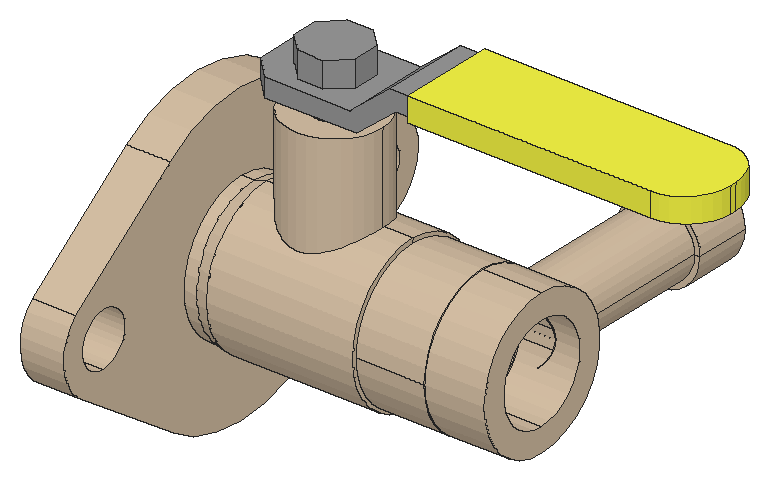
Revit family "495D Ball Valve", category Pipe Accessories, Revit 2018
Family settings
  Round Connector Dimension = Use Diameter
  Part Type = Valve - Normal
  OmniClass Number = 23.60.30.11.14
  OmniClass Title = Pipework Fittings
  Work Plane-Based = No
  Always vertical = Yes
  Cut with Voids When Loaded = No
  Shared = No
Parameters
  Y1 [instance] = size_lookup(LookupTable, "Y1", 0", Nominal Diameter)  # 4.03"
  X8 [instance] = size_lookup(LookupTable, "X8", 0", Nominal Diameter)  # 0.394"
  Weight [instance] = "NA"
  URL = "http://www.fnw.com"
  Standards Lookup Table = "Standards"  # constant formula
  R4 [instance] = size_lookup(LookupTable, "R4", 0", Nominal Diameter)  # 0.65349"
  Product ID Handle [instance] = ""
  Product ID [instance] = size_lookup(LookupTable, "ProductID", "NA", Nominal Diameter)  # "4203994"
  Pipe Diameter [instance] = size_lookup(Standards Lookup Table, "copper", 0", Nominal Diameter)  # 7/8"
  Pin Height [instance] = [1_Z2] + Z3  # 0.39878"
  Part Number Handle [instance] = ""
  Part Number [instance] = size_lookup(LookupTable, "PartNumber", "NA", Nominal Diameter)  # "FNW495F"
  PIpe Radius [instance] = Pipe Diameter / 2  # 7/16"
  ODR [instance] = size_lookup(LookupTable, "ODR", 0", Nominal Diameter)  # 3/8"
  L2 [instance] = size_lookup(LookupTable, "L2", 0", Nominal Diameter)  # 2.52"
  Insert [instance] = size_lookup(LookupTable, "insert", 0", Nominal Diameter)  # 3/4"
  D6R [instance] = size_lookup(LookupTable, "D6", 0", Nominal Diameter) / 2  # 0.32"
  Manufacturer = "FNW"  # constant formula
  L1 [instance] = size_lookup(LookupTable, "L1", 0", Nominal Diameter)  # 0.90349"
  Flange_R = 29/64"  # constant formula
  Flange_HoleR = 63/128" / 2  # 63/256"
  Description BOM Handle [instance] = ""
  Description BOM [instance] = size_lookup(LookupTable, "Description_BOM", "NA", Nominal Diameter)  # "Not For Potable Use 3/4 Sweat PIV W/ROT Flange"
  D5 [instance] = size_lookup(LookupTable, "D5", 0", Nominal Diameter)  # 2.74"
  1_Z2 [instance] = size_lookup(LookupTable, "1_Z2", 0", Nominal Diameter)  # 0.1644"
  1_Z1 [instance] = size_lookup(LookupTable, "1_Z1", 0", Nominal Diameter)  # 0.30026"
  Z3 [instance] = size_lookup(LookupTable, "Z3", 0", Nominal Diameter)  # 15/64"
  Z2 [instance] = size_lookup(LookupTable, "Z2", 0", Nominal Diameter)  # 1.65349"
  Z1 [instance] = size_lookup(LookupTable, "Z1", 0", Nominal Diameter)  # 1.48909"
  1_Y1 [instance] = size_lookup(LookupTable, "1_Y1", 0", Nominal Diameter)  # 0.81"
  1_X4 [instance] = size_lookup(LookupTable, "1_X4", 0", Nominal Diameter)  # 0.5172"
  1_X1 [instance] = size_lookup(LookupTable, "1_X1", 0", Nominal Diameter)  # 1.0344"
  1_X3 [instance] = size_lookup(LookupTable, "1_X3", 0", Nominal Diameter)  # 3.62"
  X7 [instance] = size_lookup(LookupTable, "X7", 0", Nominal Diameter)  # 1.252"
  X5 [instance] = size_lookup(LookupTable, "X5", 0", Nominal Diameter)  # 0.5457"
  X4 [instance] = size_lookup(LookupTable, "X4", 0", Nominal Diameter)  # 0.626"
  X3 [instance] = size_lookup(LookupTable, "X3", 0", Nominal Diameter)  # 1.1891"
  X2 [instance] = size_lookup(LookupTable, "X2", 0", Nominal Diameter)  # 0.1252"
  1_X2 [instance] = size_lookup(LookupTable, "1_X2", 0", Nominal Diameter)  # 0.30026"
  X1 [instance] = size_lookup(LookupTable, "X1", 0", Nominal Diameter)  # 1/4"
  Show Lever Clearance [instance] = no
  R3 [instance] = size_lookup(LookupTable, "R3", 0", Nominal Diameter)  # 0.65349"
  R2 [instance] = size_lookup(LookupTable, "R2", 0", Nominal Diameter)  # 0.68617"
  R1_Diam [instance] = R1 * 2  # 1.30698"
  R1 [instance] = size_lookup(LookupTable, "R1", 0", Nominal Diameter)  # 0.65349"
  Nominal Radius [instance] = Nominal Diameter / 2  # 3/8"
  Nominal Diameter [instance] = 3/4"
  LookupTable = "valve-ball-2p-pump-swt-drain-std-lever 495D.rfa"  # constant formula
  HexAngle1 [instance] = 135.00°  # constant formula
  D3 [instance] = size_lookup(LookupTable, "D3", 0", Nominal Diameter)  # 9/16"
  D2 [instance] = size_lookup(LookupTable, "D2", 0", Nominal Diameter)  # 3/8"
  D1 [instance] = size_lookup(LookupTable, "D1", 0", Nominal Diameter)  # 0.87"
Reference planes (in)
  plane 1 "Center (Front/Back)": y = 0
  plane 2: z = 0
  plane 3 "Center (Left/Right)": x = 0
  plane 4 "X7 End": x = -1.252
  plane 5 "Pipe radius": z = 0.4375
  plane 6: x = -0.858
  plane 7: x = -0.608
  plane 8: x = -0.4828
  plane 9: x = 0.7063
  plane 10 "X5 Plane": x = 1.3323
  plane 11: z = 1.37
  plane 12: z = -1.37
  plane 13: y = 2.015
  plane 14: y = -2.015
  plane 15: z = 1.48909
  plane 16 "Z2": z = 1.65349
  plane 17: x = 1.878
  plane 18: y = 0.90349
  plane 19: x = 1.3323
  plane 20: x = 1.128
  plane 21: y = 2.52
Forms (in)
  Extrusion 1, solid, material "Bronze, Cast_01"
    sketch origin (0, 0, 0) x (1, 0, 0) y (0, 1, 0)
      loop
        circle (0, 0) r 0.1875
    from 1.48909 to 1.65349
  Extrusion 2, solid, material "Bronze, Cast_01"
    sketch origin (0, 0, 0) x (0, 1, 0) y (0, 0, 1)
      loop
        circle (0, 0) r 0.4375
      loop
        circle (0, 0) r 0.65349
    from 0.7063 to 1.3323
  Extrusion 3, solid, material "Bronze, Cast_01", not visible
    sketch origin (-0.5313, 0, 0) x (0, 0, 1) y (0, -1, 0)
      loop
        circle (0, 0) r 0.375
    from -0.3267 to 1.6593
  Extrusion 4, solid, material "Bronze, Cast_01"
    sketch origin (0, 0, 0.8756) x (-1, 0, 0) y (0, -1, 0)
      loop
        circle (0, 0) r 0.435
    from -0.4381 to 0.61349
  Revolve 5, solid, material "Bronze, Cast_01"
    sketch origin (0, 0, 0) x (1, 0, 0) y (0, 0, 1)
      loop
        line (-0.858, 0.65349) -> (-0.858, 0.4375) -> (0.7063, 0.4375) -> (0.7063, 0.68617) -> (-0.62002, 0.68617) -> (-0.74128, 0.65349) -> (-0.858, 0.65349)
      axis (0.7063, 0) -> (-0.858, 0)
    angle from 0 to 360
  Extrusion 6, solid, material "Bronze, Cast_01"
    sketch origin (1.3323, 0, 0) x (0, 0, 1) y (0, -1, 0)
      loop
        circle (0, 0) r 0.4375
      loop
        circle (0, 0) r 0.65349
    from 0 to 0.5457
  Revolve 7, solid, material "Bronze, Cast_01"
    sketch origin (0, 0, 0) x (1, 0, 0) y (0, 1, 0)
      loop
        line (1.3323, 0) -> (1.6523, 0) -> (1.6523, 2.015) -> (1.7073, 2.015) -> (1.7073, 2.52) -> (1.3323, 2.52) -> (1.3323, 0)
      axis (1.3323, 0) -> (1.3323, 2.52)
    angle from 0 to 360
  Extrusion 8, void
    sketch origin (1.3323, 0, 0) x (0, 0, 1) y (0, -1, 0)
      loop
        circle (0, 0) r 0.4375
    from -0.626 to 0.5457
Cuts and joins
  Extrusion 8 cuts Revolve 7
Dimensions and locks (in)
  "X7": plane 4 "X7 End" to plane 3 "Center (Left/Right)"
  "PIpe Radius": plane 5 "Pipe radius" to plane 2
  "X8": plane 4 "X7 End" to plane 6
  "X1": plane 7 to plane 6
  "X2": plane 8 to plane 7
  "X3": plane 9 to plane 8
  "X4": plane 10 "X5 Plane" to plane 9
  "PIpe Radius": Revolve 5 sketch curve to plane 2
  "R1": Revolve 5 sketch curve to plane 2
  "R2": Revolve 5 sketch curve to plane 2
  equal spacing: plane 11, plane 2, plane 12
  "D5": plane 11 to plane 12
  equal spacing: plane 13, plane 1 "Center (Front/Back)", plane 14
  "Y1": plane 13 to plane 14
  "Z1": plane 15 to plane 2
  "Z2": plane 16 "Z2" to plane 2
  "X5": plane 17 to plane 10 "X5 Plane"
  "L1": plane 1 "Center (Front/Back)" to plane 18
  "X5": plane 19 to plane 17
  "D6R": plane 19 to Revolve 7 sketch curve
  "Insert": plane 17 to plane 20
  "L2": plane 21 to plane 1 "Center (Front/Back)"
  "ODR": plane 19 to Revolve 7 sketch curve
  "D2": diameter of Extrusion 1 sketch curve
  "PIpe Radius": radius of Extrusion 2 sketch curve
  "Nominal Radius": radius of Extrusion 3 sketch curve
  "D1": diameter of Extrusion 4 sketch curve
  "R4": radius of Extrusion 2 sketch curve
  "PIpe Radius": radius of Extrusion 6 sketch curve
  "PIpe Radius": radius of Extrusion 8 sketch curve
  "R4": radius of Extrusion 6 sketch curve
  aligned and locked: plane 2 to level
  aligned and locked: Extrusion 4 to plane 5 "Pipe radius"
  aligned and locked: Extrusion 2 to plane 9
  aligned and locked: plane 10 "X5 Plane" to Extrusion 2
  aligned and locked: plane 2 to Revolve 5 sketch curve
  aligned and locked: Revolve 5 sketch curve to plane 6
  aligned and locked: Revolve 5 sketch curve to plane 9
  aligned and locked: Extrusion 3 to plane 6
  aligned and locked: plane 15 to Extrusion 4
  aligned and locked: Extrusion 1 to plane 15
  aligned and locked: plane 16 "Z2" to Extrusion 1
  aligned and locked: plane 17 to Extrusion 6
  aligned and locked: Revolve 7 sketch curve to plane 19
  aligned and locked: Extrusion 6 to Extrusion 8
  aligned and locked: Extrusion 8 to plane 9
  aligned and locked: plane 20 to Extrusion 3
  aligned and locked: plane 4 "X7 End" to nested 2
  aligned and locked: Revolve 7 sketch curve to plane 21
  aligned and locked: plane 13 to Revolve 7 sketch curve
Automatic sketch dimensions
  plane 1 "Center (Front/Back)" to Extrusion 1 sketch curve = 0"
  Extrusion 1 sketch curve to plane 3 "Center (Left/Right)" = 0"
  Extrusion 2 sketch curve to Extrusion 2 sketch curve = 0"  (x2)
  Extrusion 2 sketch curve to level = 0"
  Extrusion 2 sketch curve to plane 1 "Center (Front/Back)" = 0"
  Extrusion 3 sketch curve to level = 0"
  Extrusion 3 sketch curve to plane 1 "Center (Front/Back)" = 0"
  plane 1 "Center (Front/Back)" to Extrusion 4 sketch curve = 0"
  Extrusion 4 sketch curve to plane 3 "Center (Left/Right)" = 0"
  plane 6 to Revolve 5 sketch curve = 0.11672"
  Revolve 5 sketch curve to plane 7 = 0.01202"
  plane 4 "X7 End" to Revolve 5 sketch curve = 0.35912"
  Revolve 5 sketch curve to plane 3 "Center (Left/Right)" = 0.19928"
  Extrusion 6 sketch curve to Extrusion 6 sketch curve = 0"  (x2)
  Extrusion 6 sketch curve to level = 0"
  Extrusion 6 sketch curve to plane 1 "Center (Front/Back)" = 0"
  plane 1 "Center (Front/Back)" to Revolve 7 sketch curve = 0"  (x2)
  Revolve 7 sketch curve to plane 10 "X5 Plane" = 0"
  Revolve 7 sketch curve to Revolve 7 sketch curve = 0.08259"
  Extrusion 8 sketch curve to level = 0"
  Extrusion 8 sketch curve to plane 1 "Center (Front/Back)" = 0"
Nested families (in)
  nested 1: "Nested Lever_470" at (0, 0, 1.65349), Show Lever Clearance <- "Show Lever Clearance", D3 <- "D3", Z3 <- "Z3", 1_X1 <- "1_X1", 1_X2 <- "1_X2", 1_X3 <- "1_X3", 1_X4 <- "1_X4", 1_Y1 <- "1_Y1", 1_Z1 <- "1_Z1", 1_Z2 <- "1_Z2", type "Nested Lever_470"
    with Z3 15/64", Void_Outer_Radius 0.4675", Void_Outer 0.935", Show Lever Clearance no, Grip_L3 0.2269", Grip_L2 0.19565", Grip_L1 1/32", D3_Half 3/16", D3 9/16", Clearance Hieght 6", Angle Hex Head 135.00°, 1_Z2 0.1644", 1_Z1 0.30026", 1_Y1_Half 0.405", 1_Y1 0.81", 1_X4 0.5172", 1_X3_and_1__Y1_Half 4.025", 1_X3 3.62", 1_X2 0.30026", 1_X1 1.0344"
  nested 2: "flange400series" at (0, 0, 0), Pipe size <- "PIpe Radius", type "flange400series"
    with Pipe size 7/16", D5 2.74"
Connectors (in)
  piping at (1.128, 0, 0), diameter 0.75, driven by "Nominal Diameter"
    settings: on Extrusion 3, index 1, connector inside diameter 24", connector length 0", flow factor 0, pipe flow 0 GPM, pressure drop 0.00 psi, fitting loss kfactor 0, connector angle 0.00°, fixture units 0, engagement length 0", angle of deflection 0.00°, flow configuration 0, flow direction 0, fitting loss method 0, system type 7, joint type 0, gender type 0, connector reference index -1, connector utility 0, adjustable connector no, is connector primary yes, connector description ""
  piping at (-0.858, 0, 0), diameter 0.75, driven by "Nominal Diameter"
    settings: on Extrusion 3, index 2, connector inside diameter 24", connector length 0", flow factor 0, pipe flow 0 GPM, pressure drop 0.00 psi, fitting loss kfactor 0, connector angle 0.00°, fixture units 0, engagement length 0", angle of deflection 0.00°, flow configuration 0, flow direction 0, fitting loss method 0, system type 7, joint type 0, gender type 0, connector reference index -1, connector utility 0, adjustable connector no, is connector primary no, connector description ""
Definition of nested family "Nested Lever_470"
  Parameters (values of type "Nested Lever_430")
    Z3 [instance] = 1/8"
    Angle 2 = 45.00°  # constant formula
    1_Z2 [instance] = 1/8"
    1_Z1 [instance] = 1 1/4"
    1_Y1_Half [instance] = [1_Y1] / 2  # 1"
    1_Y1 [instance] = 2"
    1_X1 [instance] = 2 1/2"
    1_X3_and_1__Y1_Half [instance] = [1_X3] + [1_Y1_Half]  # 13.66198"
    1_X3 [instance] = 12.66198"
    1_X2 [instance] = 1 1/2"
    Void_Outer_Radius [instance] = Void_Outer / 2  # 1 1/16"
    Void_Outer [instance] = [1_Y1] + Grip_L1 * 4  # 2 1/8"
    Show Lever Clearance [instance] = yes
    Grip_L3 [instance] = Grip_L1 + Grip_L2  # 3/16"
    Grip_L1 [instance] = 1/32"  # constant formula
    Grip_L2 [instance] = [1_Z2] + Grip_L1  # 5/32"
    Default Elevation = 48"
    D3_Half [instance] = D3 / 3  # 0.23251"
    D3 [instance] = 0.69752"
    Clearance Hieght [instance] = 6"  # constant formula
    Angle Hex Head [instance] = 135.00°  # constant formula
    1_X4 [instance] = 1"
  Reference planes (in)
    plane 1 "Center (Front/Back)": y = 0
    plane 2: z = 0
    plane 3 "Center (Left/Right)": x = 0
    plane 4: z = 0.125
    plane 5: x = -1
    plane 6: x = 12.66198
    plane 7: y = 1
    plane 8: y = -1
    plane 9: x = 1.5
    plane 10: x = 3
    plane 11: z = 1.375
    plane 12: z = 1.25
    plane 13: z = 0.25
    plane 14: z = 1.40625
    plane 15: z = 1.21875
    plane 16: x = 3.15625
    plane 17: y = 1.03125
    plane 18: y = -1.03125
  Forms (in)
    Extrusion 1, solid
      sketch origin (0, 0, 0) x (1, 0, 0) y (0, 1, 0)
        loop
          line (-48, 48) -> (-48, -48) -> (48, -48) -> (48, 48) -> (-48, 48)
      from 0 to -12
    Extrusion 2, solid
      sketch origin (0, 0, 0) x (1, 0, 0) y (0, 0, 1)
        loop
          line (1.30132, 0) -> (1.5, 0) -> (3.04425, 1.25) -> (4.15625, 1.25) -> (4.15625, 1.375) -> (3, 1.375) -> (1.30132, 0)
      from -1 to 1
    Extrusion 3, solid
      sketch origin (0, 0, 0) x (1, 0, 0) y (0, 1, 0)
        loop
          line (0.34876, 0.14446) -> (0.14446, 0.34876) -> (-0.14446, 0.34876) -> (-0.34876, 0.14446) -> (-0.34876, -0.14446) -> (-0.14446, -0.34876) -> (0.14446, -0.34876) -> (0.34876, -0.14446) -> (0.34876, 0.14446)
      from 0.125 to 0.25
    Extrusion 4, solid
      sketch origin (0, 0, 0) x (1, 0, 0) y (0, 1, 0)
        loop
          line (11.66198, 1.03125) -> (3.15625, 1.03125) -> (3.15625, -1.03125) -> (11.66198, -1.03125)
          arc (11.66198, -1.03125) -> (12.36908, -0.73836) -> (12.66198, -0.03125) r 1
          line (12.66198, -0.03125) -> (12.66198, 0.03125)
          arc (12.66198, 0.03125) -> (12.36908, 0.73836) -> (11.66198, 1.03125) r 1
      from 1.21875 to 1.40625
    Extrusion 5, solid, visible <- "Show Lever Clearance"
      sketch origin (0, 0, 0) x (1, 0, 0) y (0, 1, 0)
        loop
          line (-1, 1) -> (-1, -12.66198)
          arc (-1, -12.66198) -> (8.66048, -8.66048) -> (12.66198, 1) r 13.66198
          line (12.66198, 1) -> (-1, 1)
      from 0 to 6 <- "Clearance Hieght"
    Extrusion 6, solid
      sketch origin (0, 0, 0) x (1, 0, 0) y (0, 1, 0)
        loop
          line (1.5, -1) -> (1.5, 1) -> (-0.5, 1) -> (-1, 0.5) -> (-1, -0.5) -> (-0.5, -1) -> (1.5, -1)
      from 0 to 0.125
  Cuts and joins
    joined: Extrusion 2, Extrusion 6
  Lines and regions (in)
    reference lines
      curve 1: line (0, 0, 3.375) -> (0, 0, -1.625)
  Dimensions and locks (in)
    "1_Z2": plane 4 to plane 2
    "1_X4": plane 3 "Center (Left/Right)" to plane 5
    "1_X3": plane 6 to plane 3 "Center (Left/Right)"
    equal spacing: plane 7, plane 1 "Center (Front/Back)", plane 8
    "1_Y1": plane 7 to plane 8
    "1_X1": plane 9 to plane 5
    "1_X2": plane 10 to plane 9
    "1_Z1": plane 11 to plane 4
    "1_Z2": plane 11 to plane 12
    equal spacing: Extrusion 3 sketch curve, curve 1, Extrusion 3 sketch curve  (x4)
    "D3": Extrusion 3 sketch curve to Extrusion 3 sketch curve  (x4)
    "Z3": plane 13 to plane 4
    "Grip_L1": plane 14 to plane 11
    "Grip_L2": plane 11 to plane 15
    "Grip_L2": plane 16 to plane 10
    "Grip_L1": plane 8 to plane 18
    "Grip_L1": plane 17 to plane 7
    "1_Y1_Half": plane 16 to Extrusion 2
    "1_X3_and_1__Y1_Half": Extrusion 5 sketch curve to Extrusion 5 sketch curve  (x2)
    equal spacing: Extrusion 6 sketch curve, plane 1 "Center (Front/Back)", Extrusion 6 sketch curve
    "1_Y1_Half": Extrusion 6 sketch curve to Extrusion 6 sketch curve
    "1_Z2": Extrusion 2 sketch curve to Extrusion 2 sketch curve
    "1_Y1_Half": radius of Extrusion 4 sketch curve  (x2)
    "1_X3_and_1__Y1_Half": radius of Extrusion 5 sketch curve
    "Angle Hex Head": angle Extrusion 3 sketch curve to Extrusion 3 sketch curve  (x6)
    "Angle 2": angle plane 5 to Extrusion 6 sketch curve
    "Angle 2": angle Extrusion 6 sketch curve to plane 5
    aligned and locked: plane 2 to Extrusion 1
    aligned and locked: level to Extrusion 1
    aligned and locked: plane 10 to Extrusion 2 sketch curve
    aligned and locked: plane 12 to Extrusion 2 sketch curve
    aligned and locked: plane 11 to Extrusion 2 sketch curve
    aligned and locked: curve 1 to plane 3 "Center (Left/Right)"
    aligned and locked: plane 4 to Extrusion 3
    aligned and locked: Extrusion 3 to plane 13
    aligned and locked: Extrusion 4 sketch curve to plane 16
    aligned and locked: Extrusion 4 sketch curve to plane 18
    aligned and locked: plane 17 to Extrusion 4 sketch curve
    aligned and locked: Extrusion 4 to plane 15
    aligned and locked: Extrusion 4 to plane 14
    aligned and locked: Extrusion 2 to plane 8
    aligned and locked: plane 7 to Extrusion 2
    aligned and locked: plane 9 to Extrusion 6 sketch curve
    aligned and locked: Extrusion 6 sketch curve to plane 5
    aligned and locked: Extrusion 6 to plane 4
  Automatic sketch dimensions
    Extrusion 1 sketch curve to Extrusion 1 sketch curve = 96"  (x2)
    curve 1 to level = 1 5/8"
    curve 1 to plane 11 = 2"
    Extrusion 2 sketch curve to level = 0"
    Extrusion 2 sketch curve to plane 9 = 0"
    plane 16 to Extrusion 2 sketch curve = 1"
    Extrusion 4 sketch curve to plane 6 = 0"
    Extrusion 5 sketch curve to plane 5 = 0"
    Extrusion 5 sketch curve to plane 7 = 0"
    Extrusion 6 sketch curve to plane 8 = 0"
    Extrusion 6 sketch curve to plane 7 = 0"
Definition of nested family "flange400series"
  Parameters (values of type "flange400series")
    Pipe size [instance] = 0.58927"
    Flange_R = 29/64"
    Flange_HoleR = 63/256"
    D5 [instance] = 2.74"
  Reference planes (in)
    plane 1 "Center (Front/Back)": y = 0
    plane 2: z = 0
    plane 3 "Center (Left/Right)": x = 0
    plane 4: y = 1.56187
    plane 5: y = -1.56188
    plane 6: through (0, 2.0485, 0.525) normal (0, -0.757, 0.6534)
    plane 7: through (0, -2.0485, 0.525) normal (0, -0.757, -0.6534)
  Forms (in)
    Extrusion 1, solid
      sketch origin (-0.5313, 0, 0) x (0, 0, 1) y (0, -1, 0)
        loop
          arc (1.11324, -0.7985) -> (1.37, 0) -> (1.11324, 0.7985) r 1.37
          line (1.11324, 0.7985) -> (0.32592, 1.87667)
          arc (0.32592, 1.87667) -> (-0.01269, 2.01482) -> (-0.34303, 1.85794) r 0.45312
          line (-0.34303, 1.85794) -> (-1.11324, 0.76773)
          arc (-1.11324, 0.76773) -> (-1.3523, 0) -> (-1.11324, -0.76773) r 1.3523
          line (-1.11324, -0.76773) -> (-0.34303, -1.85794)
          arc (-0.34303, -1.85794) -> (-0.01269, -2.01482) -> (0.32592, -1.87667) r 0.45312
          line (0.32592, -1.87667) -> (1.11324, -0.7985)
        loop
          circle (0, -1.56187) r 0.24609
        loop
          circle (0, 1.56188) r 0.24609
        loop
          circle (0, 0) r 0.58927
      from -0.7207 to -0.3267
  Dimensions and locks (in)
    "Flange_R": radius of Extrusion 1 sketch curve  (x2)
    "Flange_HoleR": radius of Extrusion 1 sketch curve  (x2)
    "Pipe size": radius of Extrusion 1 sketch curve
    aligned and locked: plane 2 to level
  Automatic sketch dimensions
    Extrusion 1 sketch curve to Extrusion 1 sketch curve = 0"  (x11)
    Extrusion 1 sketch curve to level = 0"  (x3)
    plane 7 to Extrusion 1 sketch curve = 0"  (x2)
    Extrusion 1 sketch curve to plane 6 = 0"
    Extrusion 1 sketch curve to plane 4 = 0"
    Extrusion 1 sketch curve to plane 1 "Center (Front/Back)" = 0"
    Extrusion 1 sketch curve to plane 5 = 0"
    plane 5 to Extrusion 1 sketch curve = 0.29607"
    Extrusion 1 sketch curve to level = 1.11324"  (x2)
    level to Extrusion 1 sketch curve = 1.11324"  (x2)
    plane 4 to Extrusion 1 sketch curve = 0.76338"
    Extrusion 1 sketch curve to plane 1 "Center (Front/Back)" = 0.76773"
    Extrusion 1 sketch curve to plane 4 = 0.29607"
